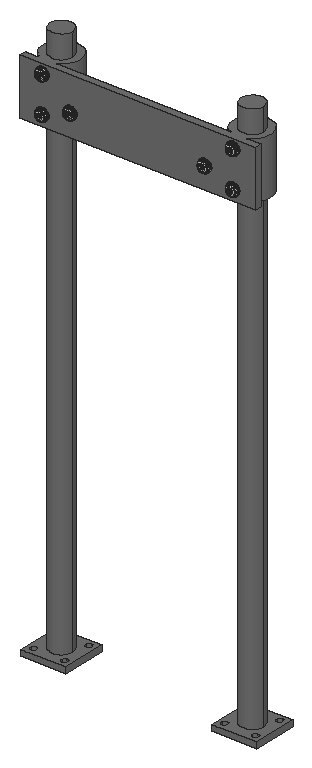
Revit family (continued)
Automatic sketch dimensions
  Revolve 17 sketch curve to Revolve 17 sketch curve = 0.00008"
  Revolve 17 sketch curve to Revolve 17 sketch curve = 0.00014"
  Revolve 17 sketch curve to Revolve 17 sketch curve = 0.00028"
  Revolve 17 sketch curve to Revolve 17 sketch curve = 0.00004"
  Revolve 17 sketch curve to Revolve 17 sketch curve = 0.00016"
  Revolve 17 sketch curve to Revolve 17 sketch curve = 0.00015"
  Revolve 17 sketch curve to Revolve 17 sketch curve = 0.62489"
  Revolve 17 sketch curve to Revolve 17 sketch curve = 0.16422"
  Revolve 17 sketch curve to Revolve 17 sketch curve = 0.18696"
  Revolve 17 sketch curve to Revolve 17 sketch curve = 0.07686"
  Revolve 17 sketch curve to Revolve 17 sketch curve = 0.08089"
  Revolve 17 sketch curve to Revolve 17 sketch curve = 0.0401"
  Revolve 17 sketch curve to Revolve 17 sketch curve = 0.03491"
  Revolve 17 sketch curve to Revolve 17 sketch curve = 0.03431"
  Revolve 17 sketch curve to Revolve 17 sketch curve = 0.01331"
  Revolve 17 sketch curve to Revolve 17 sketch curve = 0.01003"
  Revolve 17 sketch curve to Revolve 17 sketch curve = 0.00949"
  Revolve 17 sketch curve to Revolve 17 sketch curve = 0.00407"
  Revolve 17 sketch curve to Revolve 17 sketch curve = 0.00177"
  Revolve 17 sketch curve to Revolve 17 sketch curve = 0.04979"
  Revolve 17 sketch curve to Revolve 17 sketch curve = 0.05891"
  Revolve 18 sketch curve to plane 18 = 1"
  Revolve 18 sketch curve to plane 7 = 1.67288"
  Revolve 18 sketch curve to Revolve 18 sketch curve = 1.16722"
  Revolve 18 sketch curve to Revolve 18 sketch curve = 0.00469"
  Revolve 18 sketch curve to Revolve 18 sketch curve = 0.00968"
  Revolve 18 sketch curve to Revolve 18 sketch curve = 0.01429"
  Revolve 18 sketch curve to Revolve 18 sketch curve = 0.01792"
  Revolve 18 sketch curve to Revolve 18 sketch curve = 0.04036"
  Revolve 18 sketch curve to Revolve 18 sketch curve = 0.06466"
  Revolve 18 sketch curve to Revolve 18 sketch curve = 0.04467"
  Revolve 18 sketch curve to Revolve 18 sketch curve = 0.04997"
  Revolve 18 sketch curve to Revolve 18 sketch curve = 0.06708"
  Revolve 18 sketch curve to Revolve 18 sketch curve = 0.03549"
  Revolve 18 sketch curve to Revolve 18 sketch curve = 0.03428"
  Revolve 18 sketch curve to Revolve 18 sketch curve = 0.04657"
  Revolve 18 sketch curve to Revolve 18 sketch curve = 0.03407"
  Revolve 18 sketch curve to Revolve 18 sketch curve = 0.4992"
  Revolve 18 sketch curve to Revolve 18 sketch curve = 0.00065"
  Revolve 18 sketch curve to Revolve 18 sketch curve = 0.00123"
  Revolve 18 sketch curve to Revolve 18 sketch curve = 0.0001"  (x2)
  Revolve 18 sketch curve to Revolve 18 sketch curve = 0.00012"  (x3)
  Revolve 18 sketch curve to Revolve 18 sketch curve = 0.00013"
  Revolve 18 sketch curve to Revolve 18 sketch curve = 0.00008"
  Revolve 18 sketch curve to Revolve 18 sketch curve = 0.00014"
  Revolve 18 sketch curve to Revolve 18 sketch curve = 0.00028"
  Revolve 18 sketch curve to Revolve 18 sketch curve = 0.00004"  (x2)
  Revolve 18 sketch curve to Revolve 18 sketch curve = 0.00016"
  Revolve 18 sketch curve to Revolve 18 sketch curve = 0.00015"
  Revolve 18 sketch curve to Revolve 18 sketch curve = 0.62489"
  Revolve 18 sketch curve to Revolve 18 sketch curve = 0.16422"
  Revolve 18 sketch curve to Revolve 18 sketch curve = 0.04653"
  Revolve 18 sketch curve to Revolve 18 sketch curve = 0.01228"
  Revolve 18 sketch curve to Revolve 18 sketch curve = 0.0031"
  Revolve 18 sketch curve to Revolve 18 sketch curve = 0"
  Revolve 18 sketch curve to Revolve 18 sketch curve = 0.00003"  (x3)
  Revolve 18 sketch curve to Revolve 18 sketch curve = 0.00006"
  Revolve 18 sketch curve to Revolve 18 sketch curve = 0.00025"
  Revolve 18 sketch curve to Revolve 18 sketch curve = 0.00019"
  Revolve 18 sketch curve to Revolve 18 sketch curve = 0.00034"
  Extrusion 12 sketch curve to plane 17 = 4 1/2"
  Extrusion 12 sketch curve to plane 16 = 4 1/2"
  Extrusion 12 sketch curve to plane 18 = 0"
  Extrusion 3 sketch curve to plane 17 = 4 1/2"
  Extrusion 3 sketch curve to plane 16 = 4 1/2"
  curve 5 to curve 8 = 0"  (x2)
  curve 6 to curve 7 = 0"  (x2)
  curve 3 to plane 13 = 0"
  curve 8 to plane 3 "Center (Front/Back)" = 0"
  curve 8 to plane 5 = 0"
  curve 6 to plane 3 "Center (Front/Back)" = 0"
  curve 6 to plane 4 = 0"
  curve 1 to plane 7 = 0"
  curve 1 to plane 12 = 0"
  curve 4 to plane 14 = 0"
  radius of Extrusion 1 sketch curve = 9/32"  (x8)
  radius of Extrusion 2 sketch curve = 1"  (x2)
  radius of curve 5 = 1"
  radius of curve 6 = 1"
  radius of curve 7 = 1.67705"
  radius of curve 8 = 1.67705"
Types (2): name | Model | Bolts | Back Panel Visibility
  0800 | "0800" | Stainless Steel Polished Brushed | no
  0800D | "0800D" | Duco Coated | yes
